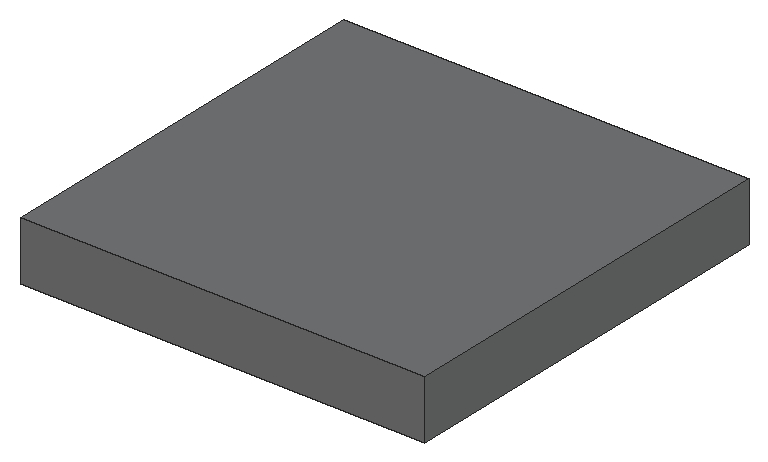
Revit family "Gira_536726", category Electrical Fixtures, host Face, Revit 2017
Family settings
  Host = Face
  Maintain Annotation Orientation = No
  Round Connector Dimension = Use Diameter
  Part Type = Normal
  Cut with Voids When Loaded = No
  Shared = No
  Room Calculation Point = No
Parameters (values of type "S3000 Jal.- + Schaltuhr BT System 55 F Alu")
  Werkstoffgüte = "sonstige"
  Werkstoff = "sonstige"
  URL = "http://katalog.gira.de/de_DE/datenblatt.html?artikelnr=536726"
  Transparent = "No"
  Region = "DE"
  Oberfläche = "sonstige"
  Name = "S3000 Jal.- + Schaltuhr BT System 55 F Alu"
  Mit LED-Anzeige = "No"
  Mit Abdeckung = "Yes"
  Manufacturer URL = "https://www.gira.de/"
  Keynote = "Sys55_Abdeckung_Schalten und Tasten"
  HeinzeBIM = "https://bimportal.heinze.de/bim/s3000-jal-schaltuhr-bt-system-55-f-alu/7af481c12e04fa9b601bb69a49def8d8b761927f"
  Halogenfrei = "Yes"
  HAN = "536726"
  Geeignet für Schalteinsatz = "Yes"
  Geeignet für Jalousieeinsatz = "Yes"
  Geeignet für Dimmeinsatz = "No"
  GTIN = "4010337027515"
  Farbe = "aluminium"
  Default Elevation = 1219.2 mm
  Data sheet (1) = "https://katalog.gira.de/de_DE/download.html?artikelnr=536726"
  Category = "Bedienelement intelligent"
  Available = "Yes"
  Ausführung der Oberfläche = "nicht zutreffend"
  Anzahl der Tasten = "2 "
  Anzahl der Betätigungspunkte = "4 "
  Anwendung = "Steuern elektrischer Verbraucher"
  Anthrazit [instance] = Anthrazit
Reference planes
  plane 1 "Center (Front/Back)": y = 0
  plane 2: z = 0
  plane 3 "Center (Left/Right)": x = 0
Forms (mm)
  Extrusion 1, solid, material "Anthrazit" <- "Anthrazit", detail levels fine
    sketch origin (0, 0, 0) x (1, 0, 0) y (0, 1, 0)
      loop
        line (-27.5, 27.5) -> (-27.5, -27.5) -> (27.5, -27.5) -> (27.5, 27.5) -> (-27.5, 27.5)
    from 0 to 8
  Extrusion 2, void
    sketch origin (0, 0, 0) x (1, 0, 0) y (0, 1, 0)
      loop
        line (26, 26) -> (-26, 26) -> (-26, -26) -> (26, -26) -> (26, 26)
    from 0 to 6
  Extrusion 3, solid, material "Anthrazit" <- "Anthrazit", detail levels medium
    sketch origin (0, 0, 0) x (1, 0, 0) y (0, 1, 0)
      loop
        line (-27.5, 27.5) -> (-27.5, -27.5) -> (27.5, -27.5) -> (27.5, 27.5) -> (-27.5, 27.5)
    from 0 to 8
  Extrusion 4, solid, material "Anthrazit" <- "Anthrazit", detail levels medium
    sketch origin (0, 0, 0) x (1, 0, 0) y (0, 1, 0)
      loop
        line (11, -17.5) -> (11, 17.5) -> (-11, 17.5) -> (-11, -17.5) -> (11, -17.5)
    from -6 to 6
  Extrusion 5, solid, material "Anthrazit" <- "Anthrazit", detail levels fine
    sketch origin (0, 0, 0) x (1, 0, 0) y (0, 1, 0)
      loop
        line (11, 17.5) -> (-11, 17.5) -> (-11, 16.5) -> (11, 16.5) -> (11, 17.5)
      loop
        line (-11, -16.5) -> (-11, -17.5) -> (11, -17.5) -> (11, -16.5) -> (-11, -16.5)
    from -4 to 6
  Extrusion 6, solid, material "Anthrazit" <- "Anthrazit", detail levels fine
    sketch origin (0, 0, 0) x (1, 0, 0) y (0, 1, 0)
      loop
        arc (5, 9.347) -> (0, 10.6) -> (-5, 9.347) r 10.6
        line (-5, 9.347) -> (-5, -9.347)
        arc (-5, -9.347) -> (0, -10.6) -> (5, -9.347) r 10.6
        line (5, -9.347) -> (5, 9.347)
    from -6 to 6
  Extrusion 7, solid, material "Anthrazit" <- "Anthrazit", detail levels coarse
    sketch origin (0, 0, 0) x (1, 0, 0) y (0, 1, 0)
      loop
        line (-27.5, 27.5) -> (-27.5, -27.5) -> (27.5, -27.5) -> (27.5, 27.5) -> (-27.5, 27.5)
    from -6 to 8
Cuts and joins
  Extrusion 2 cuts Extrusion 1
Dimensions and locks
  aligned and locked: plane 2 to host face
  aligned and locked: level to host face
